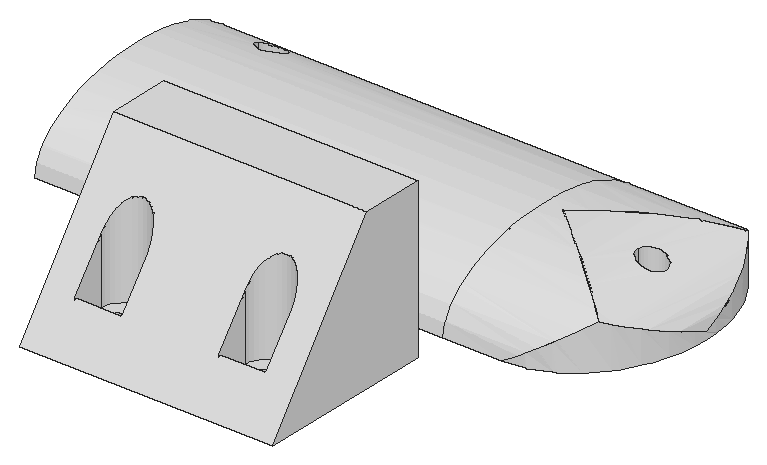
Revit family "ИО-102-40 А2П(2)", category Датчики, Revit 2019
Family settings
  Сохранять ориентацию аннотаций = Нет
  Размер круглого соединителя = Использовать диаметр
  Тип детали = Нормальный
  Номер OmniClass = 23.85.50.17
  Заголовок OmniClass = Communication and Data Processing Equipment
  На основе рабочей плоскости = Нет
  Всегда вертикально = Да
  При загрузке вырезать с полостями = Нет
  Общий = Нет
  Точка расчета площади = Нет
Parameters (values of type "ИО-102-40 А2П(2)")
  Цвет = Пластик белый
  Смещение УГО по горизонтали [instance] = if((2000 mm - Сдвиг УГО по горизонтали) < 0 mm, 0 mm, 2000 mm - Сдвиг УГО по горизонтали)  # 2000 mm
  Смещение УГО по вертикали [instance] = if((2000 mm - Сдвиг УГО по вертикали) < 0 mm, 0 mm, 2000 mm - Сдвиг УГО по вертикали)  # 2000 mm
  Сдвиг УГО по горизонтали [instance] = 0 mm
  Сдвиг УГО по вертикали [instance] = 0 mm
  Описание = "Корпус из пластика, вывод пластиковый гофрорукав, тип корпуса датчика \"лыжа\""
  Изготовитель = [ADSK_Завод-изготовитель]  # "НПП «МАГНИТО-КОНТАКТ»"
  URL = "https://m-kontakt.ru/produkt/datch_dlya_magn_konstr/io102-40"
  ADSK_Наименование = "ИО-102-40 А2П(2)"
  ADSK_Масса = 0.135
  ADSK_Код изделия = "00-00001693"
  ADSK_Завод-изготовитель = "НПП «МАГНИТО-КОНТАКТ»"  # constant formula
  ADSK_Единица измерения = "шт."  # constant formula
Reference planes
  plane 1 "По центру (Вперед/Назад)": y = 0
  plane 2: z = 0
  plane 3 "По центру (Влево/Вправо)": x = 0
  plane 4: x = 0
  plane 5: x = 2000
  plane 6: y = 2000
  plane 7: y = 0
  plane 8: x = 0
Forms (mm)
  Extrusion 1, solid, material "Пластик белый" <- "Цвет", detail levels medium+fine
    sketch origin (-31.069, -37.5, 0) x (1, 0, 0) y (0, 1, 0)
      loop
        spline (59.75, 35) -> (63.978, 35.681) -> (67.918, 37.679) -> (71.301, 40.858) -> (73.897, 45) -> (75.529, 49.824) -> (76.085, 55) -> (75.529, 60.176) -> (73.897, 65) -> (71.301, 69.142) -> (67.918, 72.321) -> (63.978, 74.319) -> (59.75, 75)
        line (59.75, 75) -> (50.504, 75) -> (50.504, 35) -> (59.75, 35)
    from 0 to 10.4
  Extrusion 2, void
    sketch origin (-21.069, -32.5, 0) x (-1, 0, 0) y (0, -1, 0)
      loop
        circle (-57.5, -50) r 2.25
    from 0 to 20
  Extrusion 3, void
    sketch origin (23.931, 55.034, 0) x (1, 0, 0) y (0, 1, 0)
      loop
        circle (-57.5, -50) r 2.25
    from 0 to 20
  Extrusion 4, void
    sketch origin (-31.069, 0, 1.127) x (1, 0, 0) y (0, 0, 1)
      loop
        line (76.085, 0) -> (81.085, 0) -> (81.085, 17.456) -> (53.338, 17.456) -> (53.338, 9.273)
        spline (53.338, 9.273) -> (56.307, 9.193) -> (59.225, 8.957) -> (62.043, 8.567) -> (64.712, 8.03) -> (67.186, 7.356) -> (69.423, 6.557) -> (71.385, 5.645) -> (73.038, 4.636) -> (74.354, 3.548) -> (75.31, 2.4) -> (75.891, 1.21) -> (76.085, 0)
    from -37.5 to 2.5
  Extrusion 5, solid, material "Пластик белый" <- "Цвет", detail levels medium+fine
    sketch origin (0, 0, 0) x (0, 1, 0) y (0, 0, 1)
      loop
        spline (37.5, 0) -> (36.819, 2.692) -> (34.821, 5.2) -> (31.642, 7.354) -> (27.5, 9.007) -> (22.676, 10.046) -> (17.5, 10.4) -> (12.324, 10.046) -> (7.5, 9.007) -> (3.358, 7.354) -> (0.179, 5.2) -> (-1.819, 2.692) -> (-2.5, 0)
        line (-2.5, 0) -> (37.5, 0)
    from -45 to 19.436
  Extrusion 6, solid, material "Пластик белый" <- "Цвет", detail levels medium+fine
    sketch origin (0, 16.747, 0) x (0, 1, 0) y (0, 0, 1)
      loop
        line (-25, 0) -> (-25, 25) -> (-35, 25) -> (-53.481, 0) -> (-25, 0)
    from -20 to 20
  Extrusion 7, void
    sketch origin (-47.839, 23.028, 0) x (-1, 0, 0) y (0, -1, 0)
      loop
        line (-55.5, 50) -> (-55.5, 55) -> (-62.938, 55) -> (-62.938, 50)
        arc (-62.938, 50) -> (-59.219, 46.281) -> (-55.5, 50) r 3.719
    from 2.9 to 25
  Extrusion 8, void
    sketch origin (68.88, 21.747, 0) x (1, 0, 0) y (0, 1, 0)
      loop
        circle (-57.5, -50) r 2
    from 0 to 32.922
  Extrusion 9, void
    sketch origin (47.839, 23.028, 0) x (1, 0, 0) y (0, 1, 0)
      loop
        arc (-55.5, -50) -> (-59.219, -46.281) -> (-62.938, -50) r 3.719
        line (-62.938, -50) -> (-62.938, -55) -> (-55.5, -55) -> (-55.5, -50)
    from 2.9 to 25
  Extrusion 10, void
    sketch origin (-68.88, 21.747, 0) x (-1, 0, 0) y (0, -1, 0)
      loop
        circle (-57.5, 50) r 2
    from 0 to 32.922
  Extrusion 11, void
    sketch origin (23.931, -20.034, 0) x (1, 0, 0) y (0, 1, 0)
      loop
        circle (-57.5, 50) r 2.25
    from 0 to 20
  Extrusion 12, void
    sketch origin (19.436, 27.5, 0) x (0, 1, 0) y (0, 0, 1)
      loop
        line (10, 0) -> (10, 10.928) -> (-30, 10.928) -> (-30, 0)
        spline (-30, 0) -> (-29.319, 2.692) -> (-27.321, 5.2) -> (-24.142, 7.354) -> (-20, 9.007) -> (-15.176, 10.046) -> (-10, 10.4) -> (-4.824, 10.046) -> (0, 9.007) -> (4.142, 7.354) -> (7.321, 5.2) -> (9.319, 2.692) -> (10, 0)
    from 0 to 21.656
Cuts and joins
  Extrusion 2, Extrusion 3, Extrusion 4, Extrusion 11, Extrusion 12 cuts Extrusion 1
  Extrusion 3, Extrusion 11 cuts Extrusion 5
  joined: Extrusion 1, Extrusion 5
  Extrusion 7, Extrusion 8, Extrusion 9, Extrusion 10 cuts Extrusion 6
Dimensions and locks
  plane 1 "По центру (Вперед/Назад)" to nested 1 = 0 mm
  locked: plane 3 "По центру (Влево/Вправо)" to plane 5 at 2000
  "Смещение УГО по горизонтали": plane 8 to plane 5
  "Смещение УГО по вертикали": plane 6 to plane 7
  locked: plane 1 "По центру (Вперед/Назад)" to plane 6 at 2000
  Extrusion 6 sketch curve to Extrusion 6 sketch curve = 25 mm
  aligned and locked: nested 1 to plane 8
  aligned and locked: nested 1 to plane 7
Automatic sketch dimensions
  plane 1 "По центру (Вперед/Назад)" to Extrusion 1 sketch curve = 2.5 mm
  plane 3 "По центру (Влево/Вправо)" to Extrusion 1 sketch curve = 19.436 mm
  Extrusion 1 sketch curve to Extrusion 1 sketch curve = 9.246 mm
  Extrusion 1 sketch curve to plane 1 "По центру (Вперед/Назад)" = 37.5 mm
  Extrusion 2 sketch curve to plane 1 "По центру (Вперед/Назад)" = 17.5 mm
  plane 3 "По центру (Влево/Вправо)" to Extrusion 2 sketch curve = 36.431 mm
  Extrusion 3 sketch curve to plane 1 "По центру (Вперед/Назад)" = 5.034 mm
  Extrusion 3 sketch curve to plane 3 "По центру (Влево/Вправо)" = 33.569 mm
  plane 3 "По центру (Влево/Вправо)" to Extrusion 4 sketch curve = 22.269 mm
  level to Extrusion 4 sketch curve = 1.127 mm
  Extrusion 4 sketch curve to Extrusion 4 sketch curve = 22.747 mm
  Extrusion 4 sketch curve to Extrusion 4 sketch curve = 5 mm
  Extrusion 4 sketch curve to Extrusion 4 sketch curve = 9.273 mm
  Extrusion 4 sketch curve to Extrusion 4 sketch curve = 8.184 mm
  Extrusion 5 sketch curve to level = 0 mm
  plane 1 "По центру (Вперед/Назад)" to Extrusion 5 sketch curve = 2.5 mm
  Extrusion 5 sketch curve to plane 1 "По центру (Вперед/Назад)" = 37.5 mm
  Extrusion 6 sketch curve to level = 0 mm
  plane 1 "По центру (Вперед/Назад)" to Extrusion 6 sketch curve = 36.733 mm
  plane 1 "По центру (Вперед/Назад)" to Extrusion 6 sketch curve = 18.253 mm
  plane 1 "По центру (Вперед/Назад)" to Extrusion 6 sketch curve = 8.253 mm
  plane 3 "По центру (Влево/Вправо)" to Extrusion 7 sketch curve = 15.099 mm
  Extrusion 7 sketch curve to Extrusion 7 sketch curve = 3.719 mm
  plane 1 "По центру (Вперед/Назад)" to Extrusion 7 sketch curve = 26.972 mm
  Extrusion 7 sketch curve to Extrusion 7 sketch curve = 5 mm
  Extrusion 7 sketch curve to Extrusion 7 sketch curve = 0 mm
  plane 3 "По центру (Влево/Вправо)" to Extrusion 8 sketch curve = 11.38 mm
  plane 1 "По центру (Вперед/Назад)" to Extrusion 8 sketch curve = 28.253 mm
  Extrusion 9 sketch curve to plane 3 "По центру (Влево/Вправо)" = 15.099 mm
  Extrusion 9 sketch curve to Extrusion 9 sketch curve = 3.719 mm
  plane 1 "По центру (Вперед/Назад)" to Extrusion 9 sketch curve = 31.972 mm
  Extrusion 9 sketch curve to Extrusion 9 sketch curve = 5 mm
  Extrusion 9 sketch curve to Extrusion 9 sketch curve = 0 mm
  Extrusion 10 sketch curve to plane 3 "По центру (Влево/Вправо)" = 11.38 mm
  plane 1 "По центру (Вперед/Назад)" to Extrusion 10 sketch curve = 28.253 mm
  Extrusion 11 sketch curve to plane 3 "По центру (Влево/Вправо)" = 33.569 mm
  Extrusion 11 sketch curve to plane 1 "По центру (Вперед/Назад)" = 29.966 mm
  Extrusion 12 sketch curve to Extrusion 1 = 0 mm  (x6)
  Extrusion 1 to Extrusion 12 sketch curve = 0 mm
  Extrusion 1 to Extrusion 12 sketch curve = 0.528 mm
  radius of Extrusion 2 sketch curve = 2.25 mm
  radius of Extrusion 3 sketch curve = 2.25 mm
  radius of Extrusion 8 sketch curve = 2 mm
  radius of Extrusion 10 sketch curve = 2 mm
  radius of Extrusion 11 sketch curve = 2.25 mm
Nested families
  nested 1: "УГО_извещатель" at (0, 0, 0), type "УГО_извещатель", detail levels coarse
Connectors
  electrical at (0, 0, 0)
    settings: index 1, voltage 0 V, apparent load 0 VA, apparent load phase1 0 VA, apparent load phase2 0 VA, apparent load phase3 0 VA, power factor 1, load classification "Прочее", number of poles 1, system type 31, power factor state 1, is connector primary yes, connector utility no, sub classification motor no, connector description ""
Definition of nested family "УГО_извещатель"
  Reference planes
    plane 1: y = 0
    plane 2: x = 0
  Lines and regions (mm)
    Filled region 1, type "Цветовая область 1"
      outline origin (0, 0, 0) x (1, 0, 0) y (0, 1, 0)
        loop
          line (-2.5, 2.5) -> (-2.5, 0.9) -> (2.5, 0.9) -> (2.5, 2.5) -> (-2.5, 2.5)
    Filled region 2, type "Цветовая область 1"
      outline origin (0, 0, 0) x (1, 0, 0) y (0, 1, 0)
        loop
          line (-2.5, -0.9) -> (-2.5, -2.5) -> (2.5, -2.5) -> (2.5, -0.9) -> (-2.5, -0.9)
    detail lines
      curve 1: line (-2.5, 2.5, 0) -> (2.5, 2.5, 0)
      curve 2: line (-2.5, -2.5, 0) -> (-2.5, 2.5, 0)
      curve 3: line (2.5, -2.5, 0) -> (-2.5, -2.5, 0)
      curve 4: line (2.5, 2.5, 0) -> (2.5, -2.5, 0)
      curve 5: line (-2.5, 0.9, 0) -> (2.5, 0.9, 0)
      curve 6: line (-2.5, -0.9, 0) -> (2.5, -0.9, 0)
